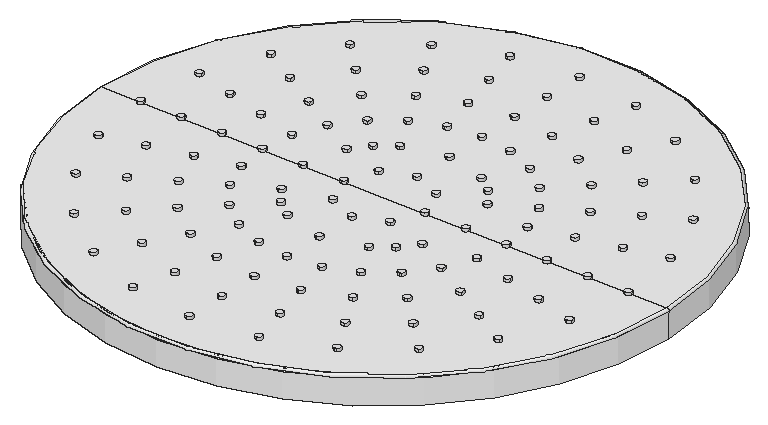
Revit family "Shower-Showerhead-KOHLER-Katalyst-13689W", category Plumbing Fixtures, host Face, Revit 2017 (continued)
Definition of nested family "13689W"
  Lines and regions (in)
    symbolic lines, detail levels medium+fine
      curve 308: line (-0.95151, 0, 2.75) -> (-0.95151, 0, 2.71692)
      curve 309: line (-0.98299, 0, 2.75) -> (-0.98299, 0, 2.71692)
      curve 310: line (-0.68084, 0, 2.75) -> (-0.68084, 0, 2.71692)
      curve 311: line (-0.77292, 0, 2.75) -> (-0.77292, 0, 2.71692)
      curve 312: line (-0.49597, 0, 2.75) -> (-0.49597, 0, 2.71692)
      curve 313: line (-0.56371, 0, 2.75) -> (-0.56371, 0, 2.71692)
      curve 314: line (4.34435, 0, 2.71692) -> (4.22707, 0, 2.71692)
      curve 315: line (4.19604, 0, 2.71692) -> (4.08104, 0, 2.71692)
      curve 316: line (3.77017, 0, 2.71692) -> (3.6529, 0, 2.71692)
      curve 317: line (3.62216, 0, 2.71692) -> (3.3911, 0, 2.71692)
      curve 318: line (3.15159, 0, 2.71692) -> (2.97182, 0, 2.71692)
      curve 319: line (2.91578, 0, 2.71692) -> (2.70115, 0, 2.71692)
      curve 320: line (2.58402, 0, 2.71692) -> (2.41572, 0, 2.71692)
      curve 321: line (2.20149, 0, 2.71692) -> (1.96167, 0, 2.71692)
      curve 322: line (1.91441, 0, 2.71692) -> (1.72707, 0, 2.71692)
      curve 323: line (1.57387, 0, 2.71692) -> (1.36993, 0, 2.71692)
      curve 324: line (1.29582, 0, 2.71692) -> (0.86571, 0, 2.71692)
      curve 325: line (0.79812, 0, 2.71692) -> (0.65565, 0, 2.71692)
      curve 326: line (0.61325, 0, 2.71692) -> (0.44644, 0, 2.71692)
      curve 327: line (3.51279, 0, 2.75) -> (3.51279, 0, 2.71692)
      curve 328: line (3.50837, 0, 2.75) -> (3.50837, 0, 2.71692)
      curve 329: line (3.0891, 0, 2.75) -> (3.0891, 0, 2.71692)
      curve 330: line (3.03431, 0, 2.75) -> (3.03431, 0, 2.71692)
      curve 331: line (2.81843, 0, 2.75) -> (2.81843, 0, 2.71692)
      curve 332: line (2.7985, 0, 2.75) -> (2.7985, 0, 2.71692)
      curve 333: line (2.533, 0, 2.75) -> (2.533, 0, 2.71692)
      curve 334: line (2.46674, 0, 2.75) -> (2.46674, 0, 2.71692)
      curve 335: line (2.12848, 0, 2.75) -> (2.12848, 0, 2.71692)
      curve 336: line (2.08422, 0, 2.75) -> (2.08422, 0, 2.71692)
      curve 337: line (2.07894, 0, 2.75) -> (2.07894, 0, 2.71692)
      curve 338: line (2.0112, 0, 2.75) -> (2.0112, 0, 2.71692)
      curve 339: line (1.84435, 0, 2.75) -> (1.84435, 0, 2.71692)
      curve 340: line (1.79713, 0, 2.75) -> (1.79713, 0, 2.71692)
      curve 341: line (1.48721, 0, 2.75) -> (1.48721, 0, 2.71692)
      curve 342: line (1.45659, 0, 2.75) -> (1.45659, 0, 2.71692)
      curve 343: line (1.17854, 0, 2.75) -> (1.17854, 0, 2.71692)
      curve 344: line (1.13007, 0, 2.75) -> (1.13007, 0, 2.71692)
      curve 345: line (1.06879, 0, 2.75) -> (1.06879, 0, 2.71692)
      curve 346: line (1.05059, 0, 2.75) -> (1.05059, 0, 2.71692)
      curve 347: line (1.01279, 0, 2.75) -> (1.01279, 0, 2.71692)
      curve 348: line (0.95151, 0, 2.75) -> (0.95151, 0, 2.71692)
      curve 349: line (0.98299, 0, 2.75) -> (0.98299, 0, 2.71692)
      curve 350: line (0.68084, 0, 2.75) -> (0.68084, 0, 2.71692)
      curve 351: line (0.77292, 0, 2.75) -> (0.77292, 0, 2.71692)
      curve 352: line (0.49597, 0, 2.75) -> (0.49597, 0, 2.71692)
      curve 353: line (0.56371, 0, 2.75) -> (0.56371, 0, 2.71692)
      curve 354: line (0, 3.51279, 2.75) -> (0, 3.51279, 2.71692)
      curve 355: line (0, 3.50837, 2.75) -> (0, 3.50837, 2.71692)
      curve 356: line (0, 3.0891, 2.75) -> (0, 3.0891, 2.71692)
      curve 357: line (0, 3.03431, 2.75) -> (0, 3.03431, 2.71692)
      curve 358: line (0, 2.81843, 2.75) -> (0, 2.81843, 2.71692)
      curve 359: line (0, 2.7985, 2.75) -> (0, 2.7985, 2.71692)
      curve 360: line (0, 2.533, 2.75) -> (0, 2.533, 2.71692)
      curve 361: line (0, 2.46674, 2.75) -> (0, 2.46674, 2.71692)
      curve 362: line (0, 2.12848, 2.75) -> (0, 2.12848, 2.71692)
      curve 363: line (0, 2.08422, 2.75) -> (0, 2.08422, 2.71692)
      curve 364: line (0, 2.07894, 2.75) -> (0, 2.07894, 2.71692)
      curve 365: line (0, 2.0112, 2.75) -> (0, 2.0112, 2.71692)
      curve 366: line (0, 1.96167, 2.75) -> (0, 1.96167, 2.71692)
      curve 367: line (0, 1.84435, 2.75) -> (0, 1.84435, 2.71692)
      curve 368: line (0, 1.79713, 2.75) -> (0, 1.79713, 2.71692)
      curve 369: line (0, 1.48721, 2.75) -> (0, 1.48721, 2.71692)
      curve 370: line (0, 1.45659, 2.75) -> (0, 1.45659, 2.71692)
      curve 371: line (0, 1.17854, 2.75) -> (0, 1.17854, 2.71692)
      curve 372: line (0, 1.16786, 2.75) -> (0, 1.16786, 2.71692)
      curve 373: line (0, 1.13007, 2.75) -> (0, 1.13007, 2.71692)
      curve 374: line (0, 1.06879, 2.75) -> (0, 1.06879, 2.71692)
      curve 375: line (0, 1.05059, 2.75) -> (0, 1.05059, 2.71692)
      curve 376: line (0, 1.01279, 2.75) -> (0, 1.01279, 2.71692)
      curve 377: line (0, 0.98299, 2.75) -> (0, 0.98299, 2.71692)
      curve 378: line (0, 0.95151, 2.75) -> (0, 0.95151, 2.71692)
      curve 379: line (0, 0.68084, 2.75) -> (0, 0.68084, 2.71692)
      curve 380: line (0, 0.77292, 2.75) -> (0, 0.77292, 2.71692)
      curve 381: line (0, 0.56371, 2.75) -> (0, 0.56371, 2.71692)
      curve 382: line (0, 0.49597, 2.75) -> (0, 0.49597, 2.71692)
      curve 383: line (0, -4.34435, 2.71692) -> (0, -4.22708, 2.71692)
      curve 384: line (0, -4.19604, 2.71692) -> (0, -4.08104, 2.71692)
      curve 385: line (0, -3.77018, 2.71692) -> (0, -3.6529, 2.71692)
      curve 386: line (0, -3.62216, 2.71692) -> (0, -3.3911, 2.71692)
      curve 387: line (0, -3.15159, 2.71692) -> (0, -2.97182, 2.71692)
      curve 388: line (0, -2.91578, 2.71692) -> (0, -2.70115, 2.71692)
      curve 389: line (0, -2.58402, 2.71692) -> (0, -2.41572, 2.71692)
      curve 390: line (0, -2.2015, 2.71692) -> (0, -1.96167, 2.71692)
      curve 391: line (0, -1.91441, 2.71692) -> (0, -1.72708, 2.71692)
      curve 392: line (0, -1.57387, 2.71692) -> (0, -1.36993, 2.71692)
      curve 393: line (0, -1.29582, 2.71692) -> (0, -0.86572, 2.71692)
      curve 394: line (0, -0.79812, 2.71692) -> (0, -0.65565, 2.71692)
      curve 395: line (0, -0.61325, 2.71692) -> (0, -0.44644, 2.71692)
      curve 396: line (0, -3.51279, 2.75) -> (0, -3.51279, 2.71692)
      curve 397: line (0, -3.50837, 2.75) -> (0, -3.50837, 2.71692)
      curve 398: line (0, -3.0891, 2.75) -> (0, -3.0891, 2.71692)
      curve 399: line (0, -3.03431, 2.75) -> (0, -3.03431, 2.71692)
      curve 400: line (0, -2.81843, 2.75) -> (0, -2.81843, 2.71692)
      curve 401: line (0, -2.7985, 2.75) -> (0, -2.7985, 2.71692)
      curve 402: line (0, -2.533, 2.75) -> (0, -2.533, 2.71692)
      curve 403: line (0, -2.46674, 2.75) -> (0, -2.46674, 2.71692)
      curve 404: line (0, -2.12848, 2.75) -> (0, -2.12848, 2.71692)
      curve 405: line (0, -2.08422, 2.75) -> (0, -2.08422, 2.71692)
      curve 406: line (0, -2.07894, 2.75) -> (0, -2.07894, 2.71692)
      curve 407: line (0, -2.0112, 2.75) -> (0, -2.0112, 2.71692)
      curve 408: line (0, -1.96167, 2.75) -> (0, -1.96167, 2.71692)
      curve 409: line (0, -1.84435, 2.75) -> (0, -1.84435, 2.71692)
      curve 410: line (0, -1.79713, 2.75) -> (0, -1.79713, 2.71692)
      curve 411: line (0, -1.48721, 2.75) -> (0, -1.48721, 2.71692)
      curve 412: line (0, -1.45659, 2.75) -> (0, -1.45659, 2.71692)
      curve 413: line (0, -1.17854, 2.75) -> (0, -1.17854, 2.71692)
      curve 414: line (0, -1.16786, 2.75) -> (0, -1.16786, 2.71692)
      curve 415: line (0, -1.13007, 2.75) -> (0, -1.13007, 2.71692)
      curve 416: line (0, -1.06879, 2.75) -> (0, -1.06879, 2.71692)
      curve 417: line (0, -1.05059, 2.75) -> (0, -1.05059, 2.71692)
      curve 418: line (0, -1.01279, 2.75) -> (0, -1.01279, 2.71692)
      curve 419: line (0, -0.98299, 2.75) -> (0, -0.98299, 2.71692)
      curve 420: line (0, -0.95151, 2.75) -> (0, -0.95151, 2.71692)
      curve 421: line (0, -0.68084, 2.75) -> (0, -0.68084, 2.71692)
      curve 422: line (0, -0.77292, 2.75) -> (0, -0.77292, 2.71692)
      curve 423: line (0, -0.56371, 2.75) -> (0, -0.56371, 2.71692)
      curve 424: line (0, -0.49597, 2.75) -> (0, -0.49597, 2.71692)
  Dimensions and locks (in)
    equal spacing: plane 4 "Left", plane 3 "Center (Left/Right)", plane 5 "Right"
    equal spacing: plane 6 "Top", plane 1 "Center (Front/Back)", plane 7 "Bottom"
    plane 4 "Left" to plane 5 "Right" = 10"
    plane 6 "Top" to plane 7 "Bottom" = 10"
    plane 8 "Front" to plane 2 "Back" = 2 3/4"
    aligned and locked: plane 2 "Back" to level
  Automatic sketch dimensions
    Masking region 3 sketch curve to Masking region 3 sketch curve = 0"  (x2)
    plane 1 "Center (Front/Back)" to Masking region 3 sketch curve = 0"
    Masking region 3 sketch curve to plane 4 "Left" = 0"
    Masking region 3 sketch curve to plane 3 "Center (Left/Right)" = 0"
    Extrusion 2 sketch curve to Extrusion 2 sketch curve = 0"  (x240)
    plane 1 "Center (Front/Back)" to Extrusion 2 sketch curve = 0"  (x12)
    Extrusion 2 sketch curve to plane 3 "Center (Left/Right)" = 0"  (x12)
    plane 3 "Center (Left/Right)" to Extrusion 2 sketch curve = 0.46361"  (x2)
    Extrusion 2 sketch curve to Extrusion 2 sketch curve = 0.04146"  (x72)
    plane 3 "Center (Left/Right)" to Extrusion 2 sketch curve = 0.53944"  (x2)
    Extrusion 2 sketch curve to Extrusion 2 sketch curve = 0.01518"  (x48)
    Extrusion 2 sketch curve to Extrusion 2 sketch curve = 0.19203"  (x4)
    Extrusion 2 sketch curve to Extrusion 2 sketch curve = 0.13843"  (x8)
    Extrusion 2 sketch curve to Extrusion 2 sketch curve = 0.02932"  (x60)
    Extrusion 2 sketch curve to Extrusion 2 sketch curve = 0.05864"  (x24)
    Extrusion 2 sketch curve to Extrusion 2 sketch curve = 0.15452"  (x24)
    Extrusion 2 sketch curve to Extrusion 2 sketch curve = 0.28372"  (x8)
    Extrusion 2 sketch curve to Extrusion 2 sketch curve = 0.50267"  (x8)
    Extrusion 2 sketch curve to Extrusion 2 sketch curve = 0.21771"  (x8)
    Extrusion 2 sketch curve to Extrusion 2 sketch curve = 13/256"  (x60)
    Extrusion 2 sketch curve to Extrusion 2 sketch curve = 0.59701"  (x16)
    Extrusion 2 sketch curve to Extrusion 2 sketch curve = 0.2985"  (x24)
    Extrusion 2 sketch curve to Extrusion 2 sketch curve = 0.43166"  (x8)
    Extrusion 2 sketch curve to Extrusion 2 sketch curve = 0.33122"  (x8)
    Extrusion 2 sketch curve to Extrusion 2 sketch curve = 0.42215"  (x24)
    Extrusion 2 sketch curve to Extrusion 2 sketch curve = 0.20821"  (x8)
    Extrusion 2 sketch curve to Extrusion 2 sketch curve = 0.05664"  (x48)
    Extrusion 2 sketch curve to Extrusion 2 sketch curve = 0.07102"  (x4)
    Extrusion 2 sketch curve to Extrusion 2 sketch curve = 0.51702"  (x24)
    Extrusion 2 sketch curve to Extrusion 2 sketch curve = 0.57667"  (x24)
    Extrusion 2 sketch curve to plane 3 "Center (Left/Right)" = 0.46361"  (x2)
    Extrusion 2 sketch curve to plane 3 "Center (Left/Right)" = 0.53944"  (x2)
    Extrusion 2 sketch curve to plane 1 "Center (Front/Back)" = 0.46361"  (x2)
    Extrusion 2 sketch curve to plane 1 "Center (Front/Back)" = 0.53944"  (x2)
    plane 1 "Center (Front/Back)" to Extrusion 2 sketch curve = 0.46361"  (x2)
    plane 1 "Center (Front/Back)" to Extrusion 2 sketch curve = 0.53944"  (x2)
    curve 14 to curve 15 = 0"
    curve 16 to curve 17 = 0"
    curve 18 to curve 19 = 0"
    curve 20 to curve 21 = 0"
    curve 22 to curve 23 = 0"
    curve 24 to curve 25 = 0"
    curve 26 to curve 27 = 0"
    curve 28 to curve 29 = 0"
    curve 30 to curve 31 = 0"
    curve 32 to curve 33 = 0"
    curve 34 to curve 35 = 0"
    curve 36 to curve 37 = 0"
    curve 38 to curve 39 = 0"
    curve 40 to curve 41 = 0"
    curve 42 to curve 43 = 0"
    curve 56 to curve 57 = 0"
    curve 58 to curve 59 = 0"
    curve 60 to curve 61 = 0"
    curve 62 to curve 63 = 0"
    curve 64 to curve 65 = 0"
    curve 66 to curve 67 = 0"
    curve 68 to curve 69 = 0"
    curve 70 to curve 71 = 0"
    curve 72 to curve 73 = 0"
    curve 86 to curve 87 = 0"
    curve 88 to curve 89 = 0"
    curve 90 to curve 91 = 0"
    curve 92 to curve 93 = 0"
    curve 94 to curve 95 = 0"
    curve 96 to curve 97 = 0"
    curve 98 to curve 99 = 0"
    curve 100 to curve 101 = 0"
    curve 102 to curve 103 = 0"
    curve 104 to curve 105 = 0"
    curve 106 to curve 107 = 0"
    curve 108 to curve 109 = 0"
    curve 110 to curve 111 = 0"
    curve 112 to curve 113 = 0"
    curve 114 to curve 115 = 0"
    curve 116 to curve 117 = 0"
    curve 118 to curve 119 = 0"
    curve 120 to curve 121 = 0"
    curve 122 to curve 123 = 0"
    curve 124 to curve 125 = 0"
    curve 126 to curve 127 = 0"
    curve 128 to curve 129 = 0"
    curve 130 to curve 131 = 0"
    curve 132 to curve 133 = 0"
    curve 134 to curve 135 = 0"
    curve 136 to curve 137 = 0"
    curve 138 to curve 139 = 0"
    curve 140 to curve 141 = 0"
    curve 142 to curve 143 = 0"
    curve 144 to curve 145 = 0"
    curve 146 to curve 147 = 0"
    curve 148 to curve 149 = 0"
    curve 150 to curve 151 = 0"
    curve 152 to curve 153 = 0"
    curve 154 to curve 155 = 0"
    curve 156 to curve 157 = 0"
    curve 158 to curve 159 = 0"
    curve 160 to curve 161 = 0"
    curve 162 to curve 163 = 0"
    curve 164 to curve 165 = 0"
    curve 166 to curve 167 = 0"
    curve 168 to curve 169 = 0"
    curve 170 to curve 171 = 0"
    curve 172 to curve 173 = 0"
    curve 174 to curve 175 = 0"
    curve 176 to curve 177 = 0"
    curve 178 to curve 179 = 0"
    curve 180 to curve 181 = 0"
    curve 182 to curve 183 = 0"
    curve 184 to curve 185 = 0"
    curve 186 to curve 187 = 0"
    curve 188 to curve 189 = 0"
    curve 190 to curve 191 = 0"
    curve 192 to curve 193 = 0"
    curve 194 to curve 195 = 0"
    curve 196 to curve 197 = 0"
    curve 198 to curve 199 = 0"
    curve 200 to curve 201 = 0"
    curve 202 to curve 203 = 0"
    curve 204 to curve 205 = 0"
    curve 206 to curve 207 = 0"
    curve 208 to curve 209 = 0"
    curve 210 to curve 211 = 0"
    curve 212 to curve 213 = 0"
    curve 214 to curve 215 = 0"
    curve 216 to curve 217 = 0"
    curve 218 to curve 219 = 0"
    curve 220 to curve 221 = 0"
    curve 222 to curve 223 = 0"
    curve 224 to curve 225 = 0"
    curve 226 to curve 227 = 0"
    curve 228 to curve 229 = 0"
    plane 1 "Center (Front/Back)" to curve 252 = 0"
    plane 1 "Center (Front/Back)" to curve 250 = 0"
    plane 1 "Center (Front/Back)" to curve 249 = 0"
    plane 1 "Center (Front/Back)" to curve 247 = 0"
    plane 1 "Center (Front/Back)" to curve 244 = 0"
    plane 1 "Center (Front/Back)" to curve 243 = 0"
    curve 235 to plane 3 "Center (Left/Right)" = 0"
    curve 233 to plane 3 "Center (Left/Right)" = 0"
    curve 237 to plane 3 "Center (Left/Right)" = 0"
    curve 238 to plane 3 "Center (Left/Right)" = 0"
    curve 240 to plane 3 "Center (Left/Right)" = 0"
    curve 231 to plane 3 "Center (Left/Right)" = 0"
    curve 44 to plane 3 "Center (Left/Right)" = 0"
    curve 46 to plane 3 "Center (Left/Right)" = 0"
    curve 48 to plane 3 "Center (Left/Right)" = 0"
    curve 50 to plane 3 "Center (Left/Right)" = 0"
    curve 52 to plane 3 "Center (Left/Right)" = 0"
    curve 54 to plane 3 "Center (Left/Right)" = 0"
    plane 1 "Center (Front/Back)" to curve 74 = 0"
    plane 1 "Center (Front/Back)" to curve 76 = 0"
    plane 1 "Center (Front/Back)" to curve 78 = 0"
    plane 1 "Center (Front/Back)" to curve 81 = 0"
    plane 1 "Center (Front/Back)" to curve 82 = 0"
    plane 1 "Center (Front/Back)" to curve 85 = 0"
    plane 3 "Center (Left/Right)" to curve 144 = 0.46361"
    plane 3 "Center (Left/Right)" to curve 192 = 0.46361"
    curve 192 to curve 192 = 0.04146"  (x2)
    curve 144 to curve 145 = 0.04146"
    plane 3 "Center (Left/Right)" to curve 163 = 0.53944"
    plane 3 "Center (Left/Right)" to curve 210 = 0.53944"
    curve 144 to curve 144 = 0.04146"
    curve 211 to curve 211 = 0.01518"
    curve 163 to curve 163 = 0.01518"
    curve 210 to curve 210 = 0.01518"
    curve 162 to curve 162 = 0.01518"
    curve 147 to curve 144 = 0.13843"
    curve 195 to curve 192 = 0.13843"
    curve 194 to curve 194 = 0.02932"  (x2)
    curve 243 to curve 242 = 0.05864"
    curve 147 to curve 146 = 0.02932"
    curve 160 to curve 162 = 0.15452"
    curve 208 to curve 210 = 0.15452"
    curve 209 to curve 209 = 0.01518"
    curve 160 to curve 161 = 0.01518"
    curve 146 to curve 146 = 0.02932"
    curve 208 to curve 208 = 0.01518"
    curve 160 to curve 160 = 0.01518"
    curve 206 to curve 208 = 0.15452"
    curve 159 to curve 161 = 0.15452"
    curve 159 to curve 159 = 0.01518"
    curve 207 to curve 207 = 0.01518"
    curve 207 to curve 206 = 0.01518"
    curve 158 to curve 158 = 0.01518"
    curve 142 to curve 147 = 0.28372"
    curve 191 to curve 195 = 0.28372"
    curve 143 to curve 142 = 0.04146"  (x2)
    curve 190 to curve 191 = 0.04146"
    curve 148 to curve 163 = 0.50267"
    curve 197 to curve 211 = 0.50267"
    curve 191 to curve 190 = 0.04146"
    curve 149 to curve 149 = 0.02932"
    curve 197 to curve 197 = 0.02932"
    curve 157 to curve 159 = 0.15452"
    curve 204 to curve 207 = 0.15452"
    curve 149 to curve 148 = 0.02932"
    curve 197 to curve 196 = 0.02932"
    curve 204 to curve 205 = 0.01518"
    curve 156 to curve 157 = 0.01518"
    curve 204 to curve 204 = 0.01518"
    curve 156 to curve 156 = 0.01518"
    curve 165 to curve 143 = 0.21771"
    curve 213 to curve 191 = 0.21771"
    curve 165 to curve 165 = 13/256"
    curve 213 to curve 212 = 13/256"  (x2)
    curve 165 to curve 164 = 13/256"
    curve 244 to curve 242 = 0.59701"
    curve 151 to curve 148 = 0.2985"
    curve 199 to curve 196 = 0.2985"
    curve 199 to curve 198 = 0.02932"
    curve 245 to curve 244 = 0.05864"
    curve 151 to curve 150 = 0.02932"  (x2)
    curve 198 to curve 198 = 0.02932"
    curve 189 to curve 197 = 0.43166"
    curve 141 to curve 149 = 0.43166"
    curve 141 to curve 141 = 0.04146"  (x2)
    curve 188 to curve 189 = 0.04146"
    curve 188 to curve 188 = 0.04146"
    curve 140 to curve 140 = 0.04146"
    curve 200 to curve 199 = 0.2985"
    curve 152 to curve 150 = 0.2985"
    curve 152 to curve 153 = 0.02932"
    curve 200 to curve 201 = 0.02932"
    curve 214 to curve 189 = 0.33122"
    curve 166 to curve 141 = 0.33122"
    curve 152 to curve 152 = 0.02932"
    curve 200 to curve 200 = 0.02932"
    curve 214 to curve 214 = 13/256"
    curve 166 to curve 166 = 13/256"
    curve 215 to curve 214 = 13/256"
    curve 167 to curve 166 = 13/256"
    curve 187 to curve 188 = 0.42215"
    curve 138 to curve 140 = 0.42215"
    curve 222 to curve 214 = 0.20821"
    curve 174 to curve 166 = 0.20821"
    curve 139 to curve 138 = 0.04146"  (x2)
    curve 187 to curve 186 = 0.04146"  (x2)
    curve 222 to curve 223 = 0.05664"
    curve 174 to curve 175 = 0.05664"
    curve 247 to curve 222 = 0.07102"
    curve 154 to curve 152 = 0.2985"
    curve 202 to curve 201 = 0.2985"
    curve 223 to curve 222 = 0.05664"
    curve 175 to curve 174 = 0.05664"
    curve 154 to curve 155 = 0.02932"
    curve 202 to curve 203 = 0.02932"
    curve 246 to curve 246 = 0.05864"
    curve 154 to curve 154 = 0.02932"
    curve 202 to curve 202 = 0.02932"
    curve 169 to curve 166 = 0.51702"
    curve 217 to curve 215 = 0.51702"
    curve 169 to curve 168 = 13/256"
    curve 216 to curve 216 = 13/256"  (x2)
    curve 136 to curve 138 = 0.42215"
    curve 185 to curve 186 = 0.42215"  (x2)
    curve 168 to curve 168 = 13/256"
    curve 184 to curve 184 = 0.04146"  (x2)
    curve 137 to curve 137 = 0.04146"  (x2)
    curve 136 to curve 136 = 0.04146"
    curve 224 to curve 222 = 0.57667"
    curve 176 to curve 174 = 0.57667"
    curve 225 to curve 225 = 0.05664"
    curve 177 to curve 177 = 0.05664"
    curve 248 to curve 246 = 0.59701"
    curve 224 to curve 224 = 0.05664"
    curve 176 to curve 176 = 0.05664"
    curve 249 to curve 248 = 0.05864"
    curve 134 to curve 136 = 0.42215"
    curve 182 to curve 184 = 0.42215"
    curve 183 to curve 183 = 0.04146"  (x2)
    curve 135 to curve 134 = 0.04146"  (x2)
    curve 218 to curve 216 = 0.51702"
    curve 171 to curve 168 = 0.51702"
    curve 183 to curve 182 = 0.04146"
    curve 218 to curve 218 = 13/256"
    curve 171 to curve 171 = 13/256"
    curve 219 to curve 218 = 13/256"
    curve 171 to curve 170 = 13/256"
    curve 179 to curve 176 = 0.57667"
    curve 226 to curve 225 = 0.57667"
    curve 227 to curve 227 = 0.05664"
    curve 179 to curve 179 = 0.05664"
    curve 227 to curve 226 = 0.05664"
    curve 178 to curve 178 = 0.05664"
    curve 251 to curve 248 = 0.59701"
    curve 250 to curve 250 = 0.05864"
    curve 220 to curve 218 = 0.51702"
    curve 173 to curve 170 = 0.51702"
    curve 221 to curve 220 = 13/256"
    curve 172 to curve 173 = 13/256"
    curve 220 to curve 220 = 13/256"
    curve 173 to curve 172 = 13/256"
    curve 229 to curve 227 = 0.57667"
    curve 181 to curve 179 = 0.57667"
    curve 229 to curve 229 = 0.05664"
    curve 180 to curve 181 = 0.05664"
    curve 181 to curve 180 = 0.05664"
    curve 228 to curve 228 = 0.05664"
    curve 253 to curve 250 = 0.59701"
    curve 252 to curve 252 = 0.05864"
    curve 25 to plane 3 "Center (Left/Right)" = 0.46361"
    curve 96 to plane 3 "Center (Left/Right)" = 0.46361"
    curve 24 to curve 24 = 0.04146"  (x2)
    curve 97 to curve 97 = 0.04146"  (x2)
    curve 42 to plane 3 "Center (Left/Right)" = 0.53944"
    curve 114 to plane 3 "Center (Left/Right)" = 0.53944"
    curve 96 to curve 97 = 0.04146"
    curve 43 to curve 42 = 0.01518"
    curve 115 to curve 115 = 0.01518"
    curve 42 to curve 42 = 0.01518"
    curve 114 to curve 115 = 0.01518"
    curve 96 to curve 98 = 0.13843"
    curve 24 to curve 26 = 0.13843"
    curve 74 to curve 74 = 0.05864"
    curve 26 to curve 26 = 0.02932"  (x2)
    curve 98 to curve 99 = 0.02932"
    curve 42 to curve 40 = 0.15452"
    curve 114 to curve 113 = 0.15452"
    curve 41 to curve 41 = 0.01518"
    curve 113 to curve 113 = 0.01518"
    curve 98 to curve 98 = 0.02932"
    curve 112 to curve 112 = 0.01518"
    curve 40 to curve 41 = 0.01518"
    curve 40 to curve 38 = 0.15452"
    curve 113 to curve 111 = 0.15452"
    curve 39 to curve 38 = 0.01518"
    curve 111 to curve 111 = 0.01518"
    curve 38 to curve 38 = 0.01518"
    curve 110 to curve 111 = 0.01518"
    curve 27 to curve 23 = 0.28372"
    curve 99 to curve 95 = 0.28372"
    curve 22 to curve 22 = 0.04146"  (x2)
    curve 94 to curve 94 = 0.04146"  (x2)
    curve 43 to curve 28 = 0.50267"
    curve 115 to curve 100 = 0.50267"
    curve 22 to curve 23 = 0.04146"
    curve 94 to curve 95 = 0.04146"
    curve 29 to curve 29 = 0.02932"
    curve 101 to curve 101 = 0.02932"
    curve 111 to curve 108 = 0.15452"
    curve 39 to curve 37 = 0.15452"
    curve 100 to curve 100 = 0.02932"
    curve 28 to curve 28 = 0.02932"
    curve 37 to curve 37 = 0.01518"
    curve 109 to curve 108 = 0.01518"
    curve 36 to curve 37 = 0.01518"
    curve 108 to curve 109 = 0.01518"
    curve 95 to curve 116 = 0.21771"
    curve 23 to curve 56 = 0.21771"
    curve 56 to curve 56 = 13/256"
    curve 116 to curve 116 = 13/256"
    curve 116 to curve 117 = 13/256"
    curve 56 to curve 57 = 13/256"
    curve 74 to curve 76 = 0.59701"
    curve 100 to curve 102 = 0.2985"
    curve 29 to curve 30 = 0.2985"
    curve 102 to curve 102 = 0.02932"
    curve 76 to curve 76 = 0.05864"
    curve 30 to curve 31 = 0.02932"  (x2)
    curve 102 to curve 103 = 0.02932"
    curve 29 to curve 20 = 0.43166"
    curve 101 to curve 93 = 0.43166"
    curve 92 to curve 92 = 0.04146"  (x3)
    curve 21 to curve 21 = 0.04146"  (x2)
    curve 20 to curve 20 = 0.04146"
    curve 103 to curve 104 = 0.2985"
    curve 30 to curve 33 = 0.2985"
    curve 104 to curve 105 = 0.02932"
    curve 32 to curve 33 = 0.02932"
    curve 93 to curve 118 = 0.33122"
    curve 21 to curve 58 = 0.33122"
    curve 104 to curve 104 = 0.02932"
    curve 32 to curve 32 = 0.02932"
    curve 118 to curve 119 = 13/256"  (x2)
    curve 58 to curve 58 = 13/256"
    curve 58 to curve 59 = 13/256"
    curve 92 to curve 91 = 0.42215"  (x2)
    curve 20 to curve 19 = 0.42215"
    curve 58 to curve 66 = 0.20821"
    curve 118 to curve 126 = 0.20821"
    curve 90 to curve 91 = 0.04146"  (x2)
    curve 18 to curve 18 = 0.04146"  (x3)
    curve 66 to curve 66 = 0.05664"
    curve 127 to curve 127 = 0.05664"
    curve 126 to curve 78 = 0.07102"
    curve 105 to curve 107 = 0.2985"
    curve 33 to curve 34 = 0.2985"
    curve 66 to curve 67 = 0.05664"
    curve 126 to curve 127 = 0.05664"
    curve 78 to curve 79 = 0.05864"
    curve 106 to curve 106 = 0.02932"  (x2)
    curve 35 to curve 34 = 0.02932"
    curve 34 to curve 34 = 0.02932"
    curve 59 to curve 61 = 0.51702"
    curve 118 to curve 121 = 0.51702"
    curve 120 to curve 121 = 13/256"  (x2)
    curve 60 to curve 61 = 13/256"  (x2)
    curve 91 to curve 88 = 0.42215"
    curve 18 to curve 17 = 0.42215"
    curve 17 to curve 16 = 0.04146"
    curve 89 to curve 89 = 0.04146"  (x2)
    curve 16 to curve 16 = 0.04146"
    curve 88 to curve 89 = 0.04146"
    curve 67 to curve 69 = 0.57667"
    curve 126 to curve 128 = 0.57667"
    curve 69 to curve 69 = 0.05664"
    curve 129 to curve 129 = 0.05664"  (x2)
    curve 78 to curve 81 = 0.59701"
    curve 68 to curve 69 = 0.05664"
    curve 80 to curve 81 = 0.05864"
    curve 16 to curve 15 = 0.42215"
    curve 88 to curve 87 = 0.42215"  (x2)
    curve 14 to curve 14 = 0.04146"  (x2)
    curve 87 to curve 87 = 0.04146"  (x2)
    curve 60 to curve 63 = 0.51702"
    curve 120 to curve 123 = 0.51702"
    curve 86 to curve 86 = 0.04146"
    curve 14 to curve 15 = 0.04146"
    curve 62 to curve 63 = 13/256"  (x2)
    curve 123 to curve 122 = 13/256"
    curve 122 to curve 123 = 13/256"
    curve 68 to curve 71 = 0.57667"
    curve 129 to curve 131 = 0.57667"
    curve 71 to curve 70 = 0.05664"
    curve 131 to curve 130 = 0.05664"
    curve 130 to curve 131 = 0.05664"
    curve 70 to curve 71 = 0.05664"
    curve 80 to curve 82 = 0.59701"
    curve 82 to curve 83 = 0.05864"
    curve 62 to curve 64 = 0.51702"
    curve 122 to curve 125 = 0.51702"
    curve 125 to curve 124 = 13/256"
    curve 65 to curve 65 = 13/256"
    curve 64 to curve 65 = 13/256"
    curve 124 to curve 124 = 13/256"
    curve 71 to curve 73 = 0.57667"
    curve 131 to curve 132 = 0.57667"
    curve 133 to curve 132 = 0.05664"
    curve 73 to curve 73 = 0.05664"
    curve 72 to curve 72 = 0.05664"
    curve 132 to curve 132 = 0.05664"
    curve 82 to curve 85 = 0.59701"
    curve 84 to curve 84 = 0.05864"
    curve 25 to plane 1 "Center (Front/Back)" = 0.46361"
    curve 192 to plane 1 "Center (Front/Back)" = 0.46361"
    curve 25 to curve 24 = 0.04146"
    curve 193 to curve 192 = 0.04146"
    curve 222 to plane 1 "Center (Front/Back)" = 0.53944"
    curve 67 to plane 1 "Center (Front/Back)" = 0.53944"
    curve 222 to curve 223 = 0.01518"
    curve 66 to curve 66 = 0.01518"
    curve 45 to curve 24 = 0.19203"
    curve 57 to curve 25 = 0.13843"
    curve 212 to curve 193 = 0.13843"
    curve 56 to curve 56 = 0.02932"
    curve 213 to curve 212 = 0.02932"
    curve 44 to curve 44 = 0.05864"
    curve 69 to curve 67 = 0.15452"
    curve 225 to curve 222 = 0.15452"
    curve 68 to curve 69 = 0.01518"
    curve 224 to curve 225 = 0.01518"
    curve 226 to curve 225 = 0.15452"
    curve 71 to curve 68 = 0.15452"
    curve 227 to curve 227 = 0.01518"
    curve 71 to curve 71 = 0.01518"
    curve 22 to curve 56 = 0.28372"
    curve 191 to curve 213 = 0.28372"
    curve 191 to curve 191 = 0.04146"
    curve 58 to curve 66 = 0.50267"
    curve 215 to curve 223 = 0.50267"
    curve 215 to curve 214 = 0.02932"
    curve 59 to curve 58 = 0.02932"
    curve 73 to curve 71 = 0.15452"
    curve 229 to curve 227 = 0.15452"
    curve 228 to curve 229 = 0.01518"
    curve 73 to curve 73 = 0.01518"
    curve 194 to curve 190 = 0.21771"
    curve 27 to curve 22 = 0.21771"
    curve 26 to curve 26 = 13/256"
    curve 195 to curve 194 = 13/256"
    curve 47 to curve 44 = 0.59701"
    curve 216 to curve 215 = 0.2985"
    curve 61 to curve 59 = 0.2985"
    curve 217 to curve 216 = 0.02932"
    curve 46 to curve 46 = 0.05864"
    curve 60 to curve 60 = 0.02932"
    curve 20 to curve 59 = 0.43166"
    curve 188 to curve 215 = 0.43166"
    curve 189 to curve 189 = 0.04146"
    curve 219 to curve 216 = 0.2985"
    curve 62 to curve 61 = 0.2985"
    curve 62 to curve 62 = 0.02932"
    curve 218 to curve 218 = 0.02932"
    curve 29 to curve 20 = 0.33122"
    curve 197 to curve 188 = 0.33122"
    curve 28 to curve 29 = 13/256"
    curve 196 to curve 197 = 13/256"
    curve 186 to curve 188 = 0.42215"
    curve 19 to curve 20 = 0.42215"
    curve 43 to curve 28 = 0.20821"
    curve 210 to curve 196 = 0.20821"
    curve 186 to curve 186 = 0.04146"
    curve 43 to curve 43 = 0.05664"
    curve 210 to curve 211 = 0.05664"
    curve 49 to curve 42 = 0.07102"
    curve 221 to curve 218 = 0.2985"
    curve 64 to curve 62 = 0.2985"
    curve 64 to curve 65 = 0.02932"
    curve 220 to curve 220 = 0.02932"
    curve 48 to curve 48 = 0.05864"
    curve 31 to curve 29 = 0.51702"
    curve 199 to curve 196 = 0.51702"
    curve 198 to curve 198 = 13/256"
    curve 30 to curve 30 = 13/256"
    curve 16 to curve 18 = 0.42215"
    curve 185 to curve 184 = 0.04146"
    curve 17 to curve 17 = 0.04146"
    curve 41 to curve 42 = 0.57667"
    curve 208 to curve 210 = 0.57667"
    curve 208 to curve 209 = 0.05664"
    curve 41 to curve 40 = 0.05664"
    curve 50 to curve 48 = 0.59701"
    curve 50 to curve 50 = 0.05864"
    curve 14 to curve 16 = 0.42215"
    curve 183 to curve 184 = 0.42215"
    curve 33 to curve 30 = 0.51702"
    curve 200 to curve 199 = 0.51702"
    curve 33 to curve 32 = 13/256"
    curve 200 to curve 201 = 13/256"
    curve 206 to curve 208 = 0.57667"
    curve 39 to curve 40 = 0.57667"
    curve 39 to curve 39 = 0.05664"
    curve 206 to curve 207 = 0.05664"
    curve 53 to curve 50 = 0.59701"
    curve 52 to curve 52 = 0.05864"
    curve 35 to curve 33 = 0.51702"
    curve 202 to curve 201 = 0.51702"
    curve 203 to curve 203 = 13/256"
    curve 34 to curve 35 = 13/256"
    curve 205 to curve 207 = 0.57667"
    curve 36 to curve 39 = 0.57667"
    curve 205 to curve 205 = 0.05664"
    curve 36 to curve 37 = 0.05664"
    curve 55 to curve 52 = 0.59701"
    curve 55 to curve 54 = 0.05864"
    plane 1 "Center (Front/Back)" to curve 144 = 0.46361"
    plane 1 "Center (Front/Back)" to curve 97 = 0.46361"
    curve 145 to curve 145 = 0.04146"
    plane 1 "Center (Front/Back)" to curve 126 = 0.53944"
    plane 1 "Center (Front/Back)" to curve 174 = 0.53944"
    curve 175 to curve 175 = 0.01518"
    curve 127 to curve 126 = 0.01518"
    curve 96 to curve 230 = 0.19203"
    curve 145 to curve 164 = 0.13843"
    curve 97 to curve 116 = 0.13843"
    curve 165 to curve 165 = 0.02932"
    curve 116 to curve 117 = 0.02932"
    curve 230 to curve 230 = 0.05864"
    curve 174 to curve 177 = 0.15452"
    curve 126 to curve 129 = 0.15452"
    curve 129 to curve 129 = 0.01518"
    curve 177 to curve 176 = 0.01518"
    curve 176 to curve 178 = 0.15452"
    curve 129 to curve 130 = 0.15452"
    curve 179 to curve 178 = 0.01518"
    curve 131 to curve 130 = 0.01518"
    curve 117 to curve 94 = 0.28372"
    curve 165 to curve 142 = 0.28372"
    curve 143 to curve 143 = 0.04146"
    curve 127 to curve 119 = 0.50267"
    curve 175 to curve 167 = 0.50267"
    curve 118 to curve 119 = 0.02932"
    curve 166 to curve 167 = 0.02932"
    curve 131 to curve 133 = 0.15452"
    curve 179 to curve 181 = 0.15452"
    curve 181 to curve 181 = 0.01518"
    curve 133 to curve 132 = 0.01518"
    curve 94 to curve 98 = 0.21771"
    curve 142 to curve 147 = 0.21771"
    curve 98 to curve 98 = 13/256"
    curve 147 to curve 146 = 13/256"
    curve 230 to curve 232 = 0.59701"
    curve 118 to curve 121 = 0.2985"
    curve 166 to curve 169 = 0.2985"
    curve 168 to curve 168 = 0.02932"
    curve 232 to curve 232 = 0.05864"
    curve 120 to curve 121 = 0.02932"
    curve 167 to curve 141 = 0.43166"
    curve 119 to curve 93 = 0.43166"
    curve 168 to curve 170 = 0.2985"
    curve 120 to curve 122 = 0.2985"
    curve 171 to curve 171 = 0.02932"
    curve 123 to curve 122 = 0.02932"
    curve 140 to curve 148 = 0.33122"
    curve 92 to curve 101 = 0.33122"
    curve 149 to curve 148 = 13/256"
    curve 101 to curve 101 = 13/256"
    curve 140 to curve 138 = 0.42215"
    curve 100 to curve 115 = 0.20821"
    curve 148 to curve 162 = 0.20821"
    curve 90 to curve 90 = 0.04146"
    curve 138 to curve 138 = 0.04146"
    curve 163 to curve 162 = 0.05664"
    curve 115 to curve 114 = 0.05664"
    curve 114 to curve 235 = 0.07102"
    curve 170 to curve 172 = 0.2985"
    curve 122 to curve 124 = 0.2985"
    curve 125 to curve 124 = 0.02932"
    curve 234 to curve 235 = 0.05864"
    curve 173 to curve 172 = 0.02932"
    curve 148 to curve 150 = 0.51702"
    curve 100 to curve 103 = 0.51702"
    curve 151 to curve 151 = 13/256"
    curve 102 to curve 102 = 13/256"
    curve 138 to curve 137 = 0.42215"
    curve 91 to curve 89 = 0.42215"
    curve 162 to curve 161 = 0.57667"
    curve 114 to curve 113 = 0.57667"
    curve 161 to curve 161 = 0.05664"
    curve 113 to curve 113 = 0.05664"
    curve 234 to curve 237 = 0.59701"
    curve 236 to curve 236 = 0.05864"
    curve 136 to curve 134 = 0.42215"
    curve 134 to curve 135 = 0.04146"
    curve 103 to curve 105 = 0.51702"
    curve 150 to curve 153 = 0.51702"
    curve 153 to curve 153 = 13/256"
    curve 104 to curve 104 = 13/256"
    curve 113 to curve 111 = 0.57667"
    curve 160 to curve 159 = 0.57667"
    curve 159 to curve 159 = 0.05664"
    curve 111 to curve 110 = 0.05664"
    curve 236 to curve 239 = 0.59701"
    curve 238 to curve 239 = 0.05864"
    curve 152 to curve 155 = 0.51702"
    curve 105 to curve 107 = 0.51702"
    curve 155 to curve 155 = 13/256"
    curve 106 to curve 107 = 13/256"
    curve 159 to curve 157 = 0.57667"
    curve 111 to curve 108 = 0.57667"
    curve 109 to curve 109 = 0.05664"
    curve 157 to curve 156 = 0.05664"
    curve 238 to curve 240 = 0.59701"
    curve 240 to curve 241 = 0.05864"
    Revolve 3 sketch curve to level = 0"
    Revolve 3 sketch curve to plane 1 "Center (Front/Back)" = 0"  (x2)
    Revolve 3 sketch curve to plane 6 "Top" = 0"
    Revolve 3 sketch curve to plane 8 "Front" = 0"
    Revolve 3 sketch curve to Revolve 3 sketch curve = 1"
    Revolve 3 sketch curve to Revolve 3 sketch curve = 0.50596"
    Revolve 3 sketch curve to level = 1 1/2"
    plane 8 "Front" to Revolve 3 sketch curve = 3/4"
    Masking region 1 sketch curve to plane 4 "Left" = 0"
    Masking region 1 sketch curve to plane 8 "Front" = 0"  (x27)
    Masking region 1 sketch curve to level = 0"
    plane 4 "Left" to Masking region 1 sketch curve = 1/32"
    Masking region 1 sketch curve to plane 8 "Front" = 0.03308"  (x22)
    Masking region 1 sketch curve to Masking region 1 sketch curve = 0.6244"
    Masking region 1 sketch curve to Masking region 1 sketch curve = 0.11728"  (x4)
    Masking region 1 sketch curve to Masking region 1 sketch curve = 0.03104"  (x3)
    Masking region 1 sketch curve to Masking region 1 sketch curve = 0.11499"  (x2)
    Masking region 1 sketch curve to Masking region 1 sketch curve = 0.31087"  (x2)
    Masking region 1 sketch curve to Masking region 1 sketch curve = 0.03074"  (x2)
    Masking region 1 sketch curve to Masking region 1 sketch curve = 0.23107"  (x2)
    Masking region 1 sketch curve to Masking region 1 sketch curve = 0.23951"  (x2)
    Masking region 1 sketch curve to Masking region 1 sketch curve = 0.17977"  (x2)
    Masking region 1 sketch curve to Masking region 1 sketch curve = 0.05604"  (x2)
    Masking region 1 sketch curve to Masking region 1 sketch curve = 0.21463"  (x2)
    Masking region 1 sketch curve to Masking region 1 sketch curve = 0.11713"  (x2)
    Masking region 1 sketch curve to Masking region 1 sketch curve = 0.1683"  (x2)
    Masking region 1 sketch curve to Masking region 1 sketch curve = 0.21422"  (x2)
    Masking region 1 sketch curve to Masking region 1 sketch curve = 0.23983"  (x2)
    Masking region 1 sketch curve to Masking region 1 sketch curve = 0.04726"  (x2)
    Masking region 1 sketch curve to Masking region 1 sketch curve = 0.18733"  (x2)
    Masking region 1 sketch curve to Masking region 1 sketch curve = 0.15321"  (x2)
    Masking region 1 sketch curve to Masking region 1 sketch curve = 0.20393"  (x2)
    Masking region 1 sketch curve to Masking region 1 sketch curve = 0.07412"  (x2)
    Masking region 1 sketch curve to Masking region 1 sketch curve = 0.4301"  (x2)
    Masking region 1 sketch curve to Masking region 1 sketch curve = 0.06759"  (x2)
    Masking region 1 sketch curve to Masking region 1 sketch curve = 0.07753"
    Masking region 1 sketch curve to Masking region 1 sketch curve = 0.14247"  (x2)
    Masking region 1 sketch curve to Masking region 1 sketch curve = 0.0424"  (x2)
    Masking region 1 sketch curve to Masking region 1 sketch curve = 0.19423"
    Masking region 1 sketch curve to Masking region 1 sketch curve = 0.01979"  (x2)
    Masking region 1 sketch curve to Masking region 1 sketch curve = 0.16681"  (x2)
    Masking region 1 sketch curve to Masking region 1 sketch curve = 0.25086"  (x2)
    Masking region 1 sketch curve to Masking region 1 sketch curve = 0.05684"  (x2)
    Masking region 1 sketch curve to Masking region 1 sketch curve = 0.22916"
    Masking region 1 sketch curve to plane 3 "Center (Left/Right)" = 0.05864"
    Masking region 1 sketch curve to plane 3 "Center (Left/Right)" = 0.03775"
    plane 3 "Center (Left/Right)" to Masking region 1 sketch curve = 0"
    plane 3 "Center (Left/Right)" to Masking region 1 sketch curve = 0.03775"
    plane 3 "Center (Left/Right)" to Masking region 1 sketch curve = 0.05864"
    plane 3 "Center (Left/Right)" to Masking region 1 sketch curve = 0.26616"
    Masking region 1 sketch curve to Masking region 1 sketch curve = 0.1157"
    Masking region 1 sketch curve to Masking region 1 sketch curve = 0.3878"
    level to Masking region 1 sketch curve = 0.0201"
    plane 3 "Center (Left/Right)" to Masking region 1 sketch curve = 0.47553"
    Masking region 1 sketch curve to Masking region 1 sketch curve = 0.06495"
    plane 5 "Right" to Masking region 1 sketch curve = 1/32"
    plane 5 "Right" to Masking region 1 sketch curve = 0"
    Masking region 1 sketch curve to Masking region 1 sketch curve = 0.0201"
    level to Masking region 1 sketch curve = 0.75212"
    Masking region 1 sketch curve to Masking region 1 sketch curve = 0"  (x3)
    Masking region 1 sketch curve to Masking region 1 sketch curve = 0.27702"  (x2)
    Masking region 1 sketch curve to Masking region 1 sketch curve = 0.16751"  (x2)
    Masking region 1 sketch curve to Masking region 1 sketch curve = 0.32919"
    Masking region 1 sketch curve to Masking region 1 sketch curve = 0.47299"  (x2)
    Masking region 1 sketch curve to Masking region 1 sketch curve = 0.47288"
    Masking region 1 sketch curve to Masking region 1 sketch curve = 0.44163"
    Masking region 1 sketch curve to Masking region 1 sketch curve = 1/32"
    Masking region 1 sketch curve to Masking region 1 sketch curve = 0.03308"  (x6)
    Masking region 1 sketch curve to Masking region 1 sketch curve = 0.02985"
    curve 246 to curve 245 = 0.65565"
    curve 74 to curve 75 = 0"
    curve 76 to curve 77 = 0"
    curve 97 to curve 74 = 0.25067"
    plane 1 "Center (Front/Back)" to Extrusion 4 sketch curve = 0"
    Extrusion 4 sketch curve to plane 3 "Center (Left/Right)" = 0"
    curve 287 to plane 8 "Front" = 0"
    curve 288 to plane 8 "Front" = 0"
    curve 289 to plane 8 "Front" = 0"
    curve 290 to plane 8 "Front" = 0"
    curve 291 to plane 8 "Front" = 0"
    curve 292 to plane 8 "Front" = 0"
    curve 293 to plane 8 "Front" = 0"
    curve 294 to plane 8 "Front" = 0"
    curve 295 to plane 8 "Front" = 0"
    curve 296 to plane 8 "Front" = 0"
    curve 297 to plane 8 "Front" = 0"
    curve 298 to plane 8 "Front" = 0"
    curve 299 to plane 8 "Front" = 0"
    curve 300 to plane 8 "Front" = 0"
    curve 301 to plane 8 "Front" = 0"
    curve 302 to plane 8 "Front" = 0"
    curve 303 to plane 8 "Front" = 0"
    curve 304 to plane 8 "Front" = 0"
    curve 305 to plane 8 "Front" = 0"
    curve 306 to plane 8 "Front" = 0"
    curve 307 to plane 8 "Front" = 0"
    curve 309 to plane 8 "Front" = 0"
    curve 308 to plane 8 "Front" = 0"
    curve 311 to plane 8 "Front" = 0"
    curve 310 to plane 8 "Front" = 0"
    curve 313 to plane 8 "Front" = 0"
    curve 312 to plane 8 "Front" = 0"
    curve 267 to plane 3 "Center (Left/Right)" = 0"
    curve 352 to plane 8 "Front" = 0"
    curve 353 to plane 8 "Front" = 0"
    curve 350 to plane 8 "Front" = 0"
    curve 351 to plane 8 "Front" = 0"
    curve 348 to plane 8 "Front" = 0"
    curve 349 to plane 8 "Front" = 0"
    curve 347 to plane 8 "Front" = 0"
    curve 346 to plane 8 "Front" = 0"
    curve 345 to plane 8 "Front" = 0"
    curve 344 to plane 8 "Front" = 0"
    curve 343 to plane 8 "Front" = 0"
    curve 342 to plane 8 "Front" = 0"
    curve 341 to plane 8 "Front" = 0"
    curve 340 to plane 8 "Front" = 0"
    curve 339 to plane 8 "Front" = 0"
    curve 338 to plane 8 "Front" = 0"
    curve 337 to plane 8 "Front" = 0"
    curve 336 to plane 8 "Front" = 0"
    curve 335 to plane 8 "Front" = 0"
    curve 334 to plane 8 "Front" = 0"
    curve 333 to plane 8 "Front" = 0"
    curve 332 to plane 8 "Front" = 0"
    curve 331 to plane 8 "Front" = 0"
    curve 330 to plane 8 "Front" = 0"
    curve 329 to plane 8 "Front" = 0"
    curve 328 to plane 8 "Front" = 0"
    curve 327 to plane 8 "Front" = 0"
    curve 1 to plane 3 "Center (Left/Right)" = 0.72059"
    plane 3 "Center (Left/Right)" to curve 1 = 0.72059"
    curve 268 to plane 8 "Front" = 0.03308"
    curve 269 to plane 8 "Front" = 0.50596"
    level to curve 7 = 0.17428"
    curve 267 to curve 267 = 0.05864"
    curve 4 to plane 3 "Center (Left/Right)" = 0.33591"
    curve 5 to curve 4 = 0.01755"
    curve 3 to curve 4 = 0.10257"
    curve 266 to plane 8 "Front" = 0.03308"
    curve 266 to curve 267 = 0.3878"
    curve 312 to curve 266 = 0.04954"
    curve 313 to curve 312 = 0.06774"
    curve 266 to curve 313 = 0.04953"
    curve 265 to curve 266 = 0.0424"
    curve 310 to curve 265 = 0.0252"
    curve 2 to curve 3 = 0.25135"
    curve 311 to plane 8 "Front" = 0.03308"
    curve 311 to curve 310 = 0.09208"
    curve 265 to curve 311 = 0.0252"
    curve 264 to plane 8 "Front" = 0.03308"
    curve 264 to curve 265 = 0.06759"
    curve 308 to curve 264 = 0.0858"
    curve 309 to curve 308 = 0.03148"
    curve 307 to curve 309 = 0.0298"
    curve 306 to curve 307 = 0.0378"
    curve 305 to curve 306 = 0.01821"
    curve 304 to curve 305 = 0.06128"
    curve 303 to curve 304 = 0.04847"
    curve 264 to curve 303 = 0.11728"
    curve 263 to plane 8 "Front" = 0.03308"
    curve 263 to curve 264 = 0.07412"
    curve 302 to curve 263 = 0.08666"
    curve 301 to curve 302 = 0.03062"
    curve 263 to curve 301 = 0.08666"
    curve 262 to plane 8 "Front" = 0.03308"
    curve 262 to curve 263 = 0.15321"
    curve 300 to curve 262 = 0.07006"
    curve 299 to curve 300 = 0.04722"
    curve 262 to curve 299 = 0.07005"
    curve 261 to curve 262 = 0.04726"
    curve 298 to curve 261 = 0.04954"
    curve 297 to plane 8 "Front" = 0.03308"
    curve 297 to curve 298 = 0.06774"
    curve 296 to curve 297 = 0.00528"
    curve 295 to curve 296 = 0.04426"
    curve 261 to curve 295 = 0.07301"
    curve 260 to plane 8 "Front" = 0.03308"
    curve 260 to curve 261 = 0.21422"
    curve 294 to curve 260 = 0.05102"
    curve 293 to curve 294 = 0.06625"
    curve 260 to curve 293 = 0.05102"
    curve 259 to plane 8 "Front" = 0.03308"
    curve 259 to curve 260 = 0.11713"
    curve 292 to curve 259 = 0.09736"
    curve 291 to curve 292 = 0.01992"
    curve 259 to curve 291 = 0.09735"
    curve 258 to curve 259 = 0.05604"
    curve 290 to curve 258 = 1/16"
    curve 289 to curve 290 = 0.05479"
    curve 258 to curve 289 = 1/16"
    curve 257 to plane 8 "Front" = 0.03308"
    curve 257 to curve 258 = 0.23951"
    curve 288 to curve 257 = 0.11728"
    curve 287 to curve 288 = 0.00442"
    curve 257 to curve 287 = 7/64"
    curve 256 to curve 257 = 0.03074"
    curve 256 to plane 8 "Front" = 0.03308"
    curve 256 to curve 256 = 0.11728"
    curve 255 to plane 8 "Front" = 0.03308"
    curve 255 to curve 256 = 0.31087"
    curve 255 to curve 255 = 0.11499"
    curve 254 to curve 255 = 0.03104"
    curve 254 to plane 8 "Front" = 0.03308"
    curve 254 to curve 254 = 0.11728"
    plane 3 "Center (Left/Right)" to curve 268 = 0.05864"
    plane 3 "Center (Left/Right)" to curve 4 = 0.33591"
    curve 4 to curve 5 = 0.01755"
    curve 4 to curve 3 = 0.10257"
    curve 326 to plane 8 "Front" = 0.03308"
    curve 268 to curve 326 = 0.3878"
    curve 326 to curve 352 = 0.04954"
    curve 352 to curve 353 = 0.06774"
    curve 353 to curve 326 = 0.04953"
    curve 326 to curve 325 = 0.0424"
    curve 325 to curve 350 = 0.0252"
    curve 3 to curve 2 = 0.25135"
    curve 351 to plane 8 "Front" = 0.03308"
    curve 350 to curve 351 = 0.09208"
    curve 351 to curve 325 = 0.0252"
    curve 324 to plane 8 "Front" = 0.03308"
    curve 325 to curve 324 = 0.06759"
    curve 324 to curve 348 = 0.0858"
    curve 348 to curve 349 = 0.03148"
    curve 349 to curve 347 = 0.0298"
    curve 347 to curve 346 = 0.0378"
    curve 346 to curve 345 = 0.01821"
    curve 345 to curve 344 = 0.06128"
    curve 344 to curve 343 = 0.04847"
    curve 343 to curve 324 = 0.11728"
    curve 323 to plane 8 "Front" = 0.03308"
    curve 324 to curve 323 = 0.07412"
    curve 323 to curve 342 = 0.08666"
    curve 342 to curve 341 = 0.03062"
    curve 341 to curve 323 = 0.08666"
    curve 322 to plane 8 "Front" = 0.03308"
    curve 323 to curve 322 = 0.15321"
    curve 322 to curve 340 = 0.07006"
    curve 340 to curve 339 = 0.04722"
    curve 339 to curve 322 = 0.07005"
    curve 322 to curve 321 = 0.04726"
    curve 321 to curve 338 = 0.04954"
    curve 338 to curve 337 = 0.06774"
    curve 337 to curve 336 = 0.00528"
    curve 336 to curve 335 = 0.04426"
    curve 321 to plane 8 "Front" = 0.03308"
    curve 335 to curve 321 = 0.07301"
    curve 320 to plane 8 "Front" = 0.03308"
    curve 321 to curve 320 = 0.21422"
    curve 320 to curve 334 = 0.05102"
    curve 334 to curve 333 = 0.06625"
    curve 333 to curve 320 = 0.05102"
    curve 319 to plane 8 "Front" = 0.03308"
    curve 320 to curve 319 = 0.11713"
    curve 319 to curve 332 = 0.09736"
    curve 332 to curve 331 = 0.01992"
    curve 331 to curve 319 = 0.09735"
    curve 319 to curve 318 = 0.05604"
    curve 318 to curve 330 = 1/16"
    curve 330 to curve 329 = 0.05479"
    curve 329 to curve 318 = 1/16"
    curve 317 to plane 8 "Front" = 0.03308"
    curve 318 to curve 317 = 0.23951"
    curve 317 to curve 328 = 0.11728"
    curve 328 to curve 327 = 0.00442"
    curve 327 to curve 317 = 7/64"
    curve 317 to curve 316 = 0.03074"
    curve 316 to plane 8 "Front" = 0.03308"
    curve 316 to curve 316 = 0.11728"
    curve 315 to plane 8 "Front" = 0.03308"
    curve 316 to curve 315 = 0.31087"
    curve 315 to curve 315 = 0.11499"
    curve 315 to curve 314 = 0.03104"
    curve 314 to plane 8 "Front" = 0.03308"
    curve 314 to curve 314 = 0.11728"
    curve 318 to plane 8 "Front" = 0.03308"
    curve 290 to plane 8 "Front" = 0.03308"
    curve 2 to curve 1 = 0.5744"
    curve 4 to curve 3 = 0.11319"
    curve 5 to curve 4 = 0.11886"
    curve 396 to plane 8 "Front" = 0"
    curve 397 to plane 8 "Front" = 0"
    curve 398 to plane 8 "Front" = 0"
    curve 399 to plane 8 "Front" = 0"
    curve 400 to plane 8 "Front" = 0"
    curve 401 to plane 8 "Front" = 0"
    curve 402 to plane 8 "Front" = 0"
    curve 403 to plane 8 "Front" = 0"
    curve 404 to plane 8 "Front" = 0"
    curve 405 to plane 8 "Front" = 0"
    curve 406 to plane 8 "Front" = 0"
    curve 407 to plane 8 "Front" = 0"
    curve 408 to plane 8 "Front" = 0"
    curve 409 to plane 8 "Front" = 0"
    curve 410 to plane 8 "Front" = 0"
    curve 411 to plane 8 "Front" = 0"
    curve 412 to plane 8 "Front" = 0"
    curve 413 to plane 8 "Front" = 0"
    curve 414 to plane 8 "Front" = 0"
    curve 415 to plane 8 "Front" = 0"
    curve 416 to plane 8 "Front" = 0"
    curve 417 to plane 8 "Front" = 0"
    curve 418 to plane 8 "Front" = 0"
    curve 419 to plane 8 "Front" = 0"
    curve 420 to plane 8 "Front" = 0"
    curve 422 to plane 8 "Front" = 0"
    curve 421 to plane 8 "Front" = 0"
    curve 423 to plane 8 "Front" = 0"
    curve 424 to plane 8 "Front" = 0"
    curve 283 to plane 1 "Center (Front/Back)" = 0"
    curve 382 to plane 8 "Front" = 0"
    curve 381 to plane 8 "Front" = 0"
    curve 379 to plane 8 "Front" = 0"
    curve 380 to plane 8 "Front" = 0"
    curve 378 to plane 8 "Front" = 0"
    curve 377 to plane 8 "Front" = 0"
    curve 376 to plane 8 "Front" = 0"
    curve 375 to plane 8 "Front" = 0"
    curve 374 to plane 8 "Front" = 0"
    curve 373 to plane 8 "Front" = 0"
    curve 372 to plane 8 "Front" = 0"
    curve 371 to plane 8 "Front" = 0"
    curve 370 to plane 8 "Front" = 0"
    curve 369 to plane 8 "Front" = 0"
    curve 368 to plane 8 "Front" = 0"
    curve 367 to plane 8 "Front" = 0"
    curve 366 to plane 8 "Front" = 0"
    curve 365 to plane 8 "Front" = 0"
    curve 364 to plane 8 "Front" = 0"
    curve 363 to plane 8 "Front" = 0"
    curve 362 to plane 8 "Front" = 0"
    curve 361 to plane 8 "Front" = 0"
    curve 360 to plane 8 "Front" = 0"
    curve 359 to plane 8 "Front" = 0"
    curve 358 to plane 8 "Front" = 0"
    curve 357 to plane 8 "Front" = 0"
    curve 356 to plane 8 "Front" = 0"
    curve 355 to plane 8 "Front" = 0"
    curve 354 to plane 8 "Front" = 0"
    curve 408 to plane 8 "Front" = 0.03308"
    plane 1 "Center (Front/Back)" to curve 408 = 1.96167"
    curve 277 to plane 8 "Front" = 0.03308"
    curve 283 to curve 277 = 1.96167"
    curve 283 to plane 8 "Front" = 0.03308"
    plane 1 "Center (Front/Back)" to curve 284 = 0.05864"
    plane 1 "Center (Front/Back)" to curve 12 = 0.33591"
    curve 11 to curve 12 = 0.01765"
    curve 395 to plane 8 "Front" = 0.03308"
    curve 395 to curve 284 = 0.3878"
    curve 424 to curve 395 = 0.04954"
    curve 423 to curve 424 = 0.06774"
    curve 395 to curve 423 = 0.04954"
    curve 394 to curve 395 = 0.0424"
    curve 421 to curve 394 = 0.0252"
    curve 286 to curve 12 = 0.35365"
    curve 13 to curve 12 = 0.35391"
    curve 285 to curve 421 = 0.03974"
    curve 422 to curve 421 = 0.09208"
    curve 394 to curve 422 = 0.0252"
    curve 393 to plane 8 "Front" = 0.03308"
    curve 393 to curve 394 = 0.06759"
    curve 420 to curve 393 = 0.0858"
    curve 419 to curve 420 = 0.03148"
    curve 418 to curve 419 = 0.0298"
    curve 417 to curve 418 = 0.0378"
    curve 416 to curve 417 = 0.01821"
    curve 415 to curve 416 = 0.06128"
    curve 414 to curve 415 = 0.0378"
    curve 413 to curve 414 = 0.01068"
    curve 393 to curve 413 = 0.11728"
    curve 392 to plane 8 "Front" = 0.03308"
    curve 392 to curve 393 = 0.07412"
    curve 412 to curve 392 = 0.08666"
    curve 411 to curve 412 = 0.03062"
    curve 392 to curve 411 = 0.08666"
    curve 391 to plane 8 "Front" = 0.03308"
    curve 391 to curve 392 = 0.15321"
    curve 410 to curve 391 = 0.07005"
    curve 409 to curve 410 = 0.04722"
    curve 390 to curve 391 = 0.04726"
    curve 407 to curve 390 = 0.04954"
    curve 406 to curve 407 = 0.06774"
    curve 405 to curve 406 = 0.00528"
    curve 404 to curve 405 = 0.04426"
    curve 390 to curve 404 = 0.07302"
    curve 389 to plane 8 "Front" = 0.03308"
    curve 389 to curve 390 = 0.21422"
    curve 403 to curve 389 = 0.05102"
    curve 402 to curve 403 = 0.06625"
    curve 389 to curve 402 = 0.05102"
    curve 388 to plane 8 "Front" = 0.03308"
    curve 388 to curve 389 = 0.11713"
    curve 401 to curve 388 = 0.09735"
    curve 400 to curve 401 = 0.01992"
    curve 388 to curve 400 = 0.09735"
    curve 387 to curve 388 = 0.05604"
    curve 399 to curve 387 = 1/16"
    curve 398 to curve 399 = 0.05479"
    curve 387 to curve 398 = 1/16"
    curve 386 to plane 8 "Front" = 0.03308"
    curve 386 to curve 387 = 0.23951"
    curve 397 to curve 386 = 0.11728"
    curve 396 to curve 397 = 0.00442"
    curve 386 to curve 396 = 7/64"
    curve 385 to curve 386 = 0.03074"
    curve 385 to plane 8 "Front" = 0.03308"
    curve 385 to curve 385 = 0.11728"
    curve 384 to plane 8 "Front" = 0.03308"
    curve 384 to curve 385 = 0.31087"
    curve 384 to curve 384 = 0.11499"
    curve 383 to curve 384 = 0.03104"
    curve 383 to plane 8 "Front" = 0.03308"
    curve 383 to curve 383 = 0.11728"
    curve 283 to curve 283 = 0.05864"
    curve 12 to plane 1 "Center (Front/Back)" = 0.33575"
    curve 12 to curve 11 = 0.0176"
    curve 282 to plane 8 "Front" = 0.03308"
    curve 283 to curve 282 = 0.3878"
    curve 282 to curve 382 = 0.04954"
    curve 382 to curve 381 = 0.06774"
    curve 381 to curve 282 = 0.04954"
    curve 282 to curve 281 = 0.0424"
    curve 281 to curve 379 = 0.0252"
    curve 12 to curve 286 = 0.35381"
    curve 12 to curve 13 = 0.35381"
    curve 379 to curve 285 = 0.03974"
    curve 379 to curve 380 = 0.09208"
    curve 380 to curve 281 = 0.0252"
    curve 280 to plane 8 "Front" = 0.03308"
    curve 281 to curve 280 = 0.06759"
    curve 280 to curve 378 = 0.0858"
    curve 378 to curve 377 = 0.03148"
    curve 377 to curve 376 = 0.0298"
    curve 376 to curve 375 = 0.0378"
    curve 375 to curve 374 = 0.01821"
    curve 374 to curve 373 = 0.06128"
    curve 373 to curve 372 = 0.0378"
    curve 372 to curve 371 = 0.01068"
    curve 371 to curve 280 = 0.11728"
    curve 279 to plane 8 "Front" = 0.03308"
    curve 280 to curve 279 = 0.07412"
    curve 279 to curve 370 = 0.08666"
    curve 370 to curve 369 = 0.03062"
    curve 369 to curve 279 = 0.08666"
    curve 278 to plane 8 "Front" = 0.03308"
    curve 279 to curve 278 = 0.15321"
    curve 278 to curve 368 = 0.07005"
    curve 368 to curve 367 = 0.04722"
    curve 278 to curve 277 = 0.04726"
    curve 366 to curve 365 = 0.04954"
    curve 365 to curve 364 = 0.06774"
    curve 364 to curve 363 = 0.00528"
    curve 363 to curve 362 = 0.04426"
    curve 362 to curve 277 = 0.07302"
    curve 276 to plane 8 "Front" = 0.03308"
    curve 277 to curve 276 = 0.21422"
    curve 276 to curve 361 = 0.05102"
    curve 361 to curve 360 = 0.06625"
    curve 360 to curve 276 = 0.05102"
    curve 275 to plane 8 "Front" = 0.03308"
    curve 276 to curve 275 = 0.11713"
    curve 275 to curve 359 = 0.09735"
    curve 359 to curve 358 = 0.01992"
    curve 358 to curve 275 = 0.09735"
    curve 275 to curve 274 = 0.05604"
    curve 274 to curve 357 = 1/16"
    curve 357 to curve 356 = 0.05479"
    curve 356 to curve 274 = 1/16"
    curve 273 to plane 8 "Front" = 0.03308"
    curve 274 to curve 273 = 0.23951"
    curve 273 to curve 355 = 0.11728"
    curve 355 to curve 354 = 0.00442"
    curve 354 to curve 273 = 7/64"
    curve 273 to curve 272 = 0.03074"
    curve 272 to plane 8 "Front" = 0.03308"
    curve 272 to curve 272 = 0.11728"
    curve 271 to plane 8 "Front" = 0.03308"
    curve 272 to curve 271 = 0.31087"
    curve 271 to curve 271 = 0.11499"
    curve 271 to curve 270 = 0.03104"
    curve 270 to plane 8 "Front" = 0.03308"
    curve 270 to curve 270 = 0.11728"
    curve 274 to plane 8 "Front" = 0.03308"
    curve 285 to curve 282 = 0.47288"
    curve 286 to curve 285 = 0.5744"
    curve 13 to curve 286 = 0.47299"
    curve 12 to curve 13 = 0.11319"
    curve 11 to curve 12 = 0.11886"
    curve 281 to plane 8 "Front" = 0.03308"
    curve 422 to plane 8 "Front" = 0.03308"
    curve 399 to curve 399 = 0.03308"
    plane 1 "Center (Front/Back)" to Extrusion 5 sketch curve = 0.54094"
    Extrusion 5 sketch curve to Extrusion 5 sketch curve = 0.08153"  (x2)
    Extrusion 5 sketch curve to plane 1 "Center (Front/Back)" = 0.45941"
    level to Extrusion 5 sketch curve = 0.34711"  (x2)
